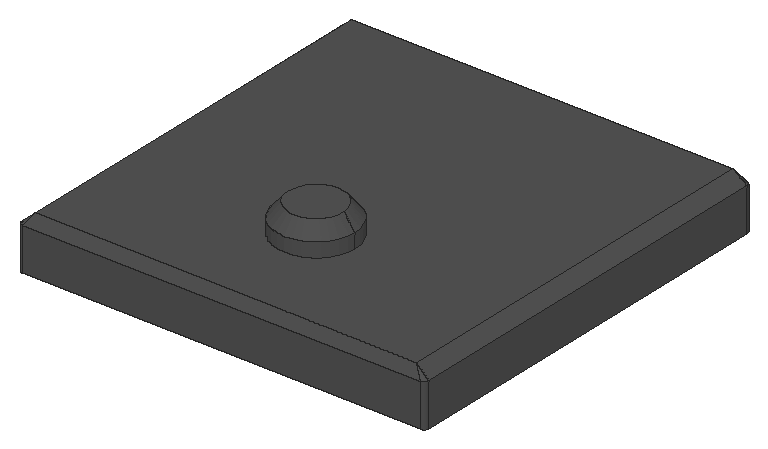
Revit family "DM TCE-EU", category Communication Devices, Revit 2020
Family settings
  Maintain Annotation Orientation = No
  Round Connector Dimension = Use Diameter
  Part Type = Normal
  Work Plane-Based = Yes
  Always vertical = No
  Cut with Voids When Loaded = Yes
  Shared = No
  Room Calculation Point = No
Parameters
  Model = "DM TCE-EU"
  Manufacturer = "Klark Teknik"
  Default Elevation = 0 mm
Reference planes
  plane 1 "Center (Front/Back)": y = 0
  plane 2: z = 0
  plane 3 "Center (Left/Right)": x = 0
  plane 4 "Panel Face": z = 11.4
Forms (mm)
  Extrusion 1, solid, material "ABS - Black"
    sketch origin (0, -56.921, 0) x (1, 0, 0) y (0, 1, 0)
      loop
        arc (-42.18, 100.101) -> (-42.887, 99.808) -> (-43.18, 99.101) r 1
        line (-43.18, 99.101) -> (-43.18, 14.741)
        arc (-43.18, 14.741) -> (-42.887, 14.034) -> (-42.18, 13.741) r 1
        line (-42.18, 13.741) -> (42.181, 13.741)
        arc (42.181, 13.741) -> (42.888, 14.034) -> (43.181, 14.741) r 1
        line (43.181, 14.741) -> (43.181, 99.101)
        arc (43.181, 99.101) -> (42.888, 99.808) -> (42.181, 100.101) r 1
        line (42.181, 100.101) -> (-42.18, 100.101)
    from 0 to 9
  Blend 2, solid, material "ABS - Black"
    base sketch origin (0, -56.921, 0) x (1, 0, 0) y (0, 1, 0)
      loop
        arc (-42.18, 100.101) -> (-42.887, 99.808) -> (-43.18, 99.101) r 1
        line (-43.18, 99.101) -> (-43.18, 14.741)
        arc (-43.18, 14.741) -> (-42.887, 14.034) -> (-42.18, 13.741) r 1
        line (-42.18, 13.741) -> (42.181, 13.741)
        arc (42.181, 13.741) -> (42.888, 14.034) -> (43.181, 14.741) r 1
        line (43.181, 14.741) -> (43.181, 99.101)
        arc (43.181, 99.101) -> (42.888, 99.808) -> (42.181, 100.101) r 1
        line (42.181, 100.101) -> (-42.18, 100.101)
    top sketch origin (0, -56.921, 0) x (1, 0, 0) y (0, 1, 0)
      loop
        line (-40.367, 98.736) -> (-40.367, 15.106) -> (40.367, 15.106) -> (40.367, 98.736) -> (-40.367, 98.736)
    from 9 to 11.4
  Blend 3, solid, material "ABS - Black"
    base sketch origin (-10.164, 5.002, 11.4) x (0, -1, 0) y (1, 0, 0)
      loop
        circle (23.1, 10.164) r 8.3
    top sketch origin (-10.164, 5.002, 11.4) x (0, -1, 0) y (1, 0, 0)
      loop
        circle (23.1, 10.164) r 5.8
    from 3 to 6
  Extrusion 4, solid, material "ABS - Black"
    sketch origin (0, 0, 11.4) x (0, -1, 0) y (1, 0, 0)
      loop
        circle (18.098, 0) r 8.3
    from 0 to 3
Lines and regions (mm)
  Split face 1
    outline origin (0, -56.921, 11.4) x (1, 0, 0) y (0, 1, 0)
      loop
        line (-25.465, 21.454) -> (25.465, 21.454) -> (25.465, 92.387) -> (-25.465, 92.387) -> (-25.465, 21.454)
  model lines
    curve 1: line (-25.465, 35.466, 11.4) -> (25.465, 35.466, 11.4)
    curve 2: line (25.465, 35.466, 11.4) -> (25.465, -35.467, 11.4)
    curve 3: line (25.465, -35.467, 11.4) -> (-25.465, -35.467, 11.4)
    curve 4: line (-25.465, -35.467, 11.4) -> (-25.465, 35.466, 11.4)
    curve 5: circle (0, -18.098, 11.4) r 8.5 normal (0, 0, 1)
Dimensions and locks
  aligned and locked: level to plane 2
Connectors
  electrical at (0, 0, 0)
    settings: on Extrusion 1, index 1, voltage 0 V, apparent load 0 VA, apparent load phase1 0 VA, apparent load phase2 0 VA, apparent load phase3 0 VA, power factor 1, load classification "Other", number of poles 1, system type 14, power factor state 1, is connector primary yes, connector utility no, sub classification motor no, connector description "Network - RJ45"
